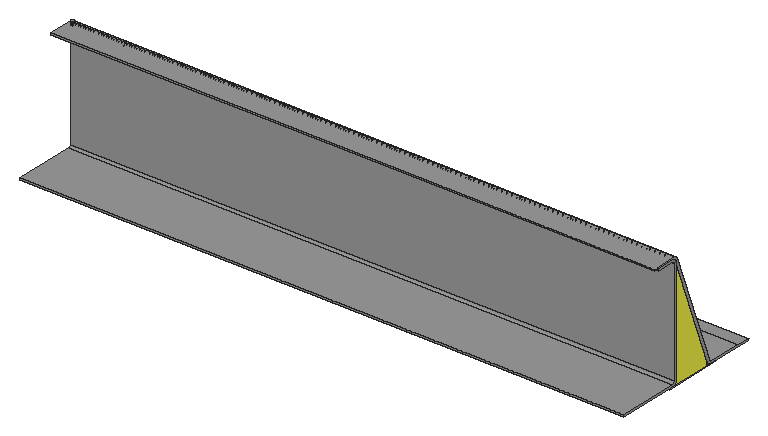
Revit family "CFS K 90 WIL", category Generic Models, Revit 2014
Parameters (values of type "Max lintel length 4800mm")
  URL = "http://www.keystonelintels.co.uk"
  Structural Opening [instance] = 900 mm
  Structural Performance = "The Keystone lintel range has safe working loads as detailed in each applicable loading table in the Keystone Lintel Guide brochure. The structural performance figures within each table have been ascertained by testing in accordance with the requirements of standards BS EN 5977-2: 1983 and BS EN 845-2: 2003."
  RIBA Productor Selector = "available for Keystone Lintels Ltd from Keystone Lintels Ltd from ribaproductselector.com"
  Model = "CFS/K 90 WIL"
  Min Length = 600 mm
  Min Clear Span = 300 mm
  Max Length = 4800 mm
  Max Clear Span = 4800 mm
  Material - Stainless Steel = "Grade 304 2b 1.4307 to BS EN 10088-2. Other grades available on request: contact manufacturer."
  Material - Galvanised Steel = "To BS EN 10346: 2009. DX51D plus Z600 or grade Z275 to BS 5977-2: 1983 (BS EN 845-2: 2003)."
  Manufacturer = "Keystone"
  Manufactured Length [instance] = (roundup(Effective Length / 150 mm) * 150 mm)  # 1200 mm
  Lintel height [instance] = 2100 mm
  Keynote = "F30/755"
  Fire Performance = "Keystone lintels have been subjected to a fire test (WARRES No. 101263) in accordance with BS 476-20: 1987, at Exova Warrington Fire and achieved a one hour fire performance."
  End Bearing = 150 mm
  Effective Length [instance] = Clear Opening with MIN MAX set + End Bearing * 2  # 1200 mm
  Corrosion = "Keystone’s standard range of lintels are manufactured from high quality grade pre-galvanized carbon steel with a zinc coating of 600"
  Contact Tel = "+44 (0)28 8676 2184"
  Contact Email = "info@keystonelintels.co.uk"
  Clear Opening with MIN MAX set [instance] = if(Structural Opening < Min Clear Span, Min Clear Span, (if(Structural Opening > Max Clear Span, Max Clear Span, Structural Opening)))  # 900 mm
  CPD Information = "Available for Keystone Lintels Ltd from ribacpd.com"
Reference planes
  plane 1 "Center (Front/Back)": y = 0
  plane 2: z = 0
  plane 3 "Center (Left/Right)": x = 0
  plane 4: x = -600
  plane 5: x = 600
  plane 6: z = 2100
  plane 7: x = -450
  plane 8: x = 450
Forms (mm)
  Extrusion 1, solid, material "Steel"
    sketch origin (0, 703.513, -496.241) x (0, 1, 0) y (0, 0, 1)
      loop
        line (-563.096, 2595.362) -> (-562.983, 2598.56) -> (-587.955, 2599.441) -> (-657.881, 2599.441)
        arc (-657.881, 2599.441) -> (-659.028, 2599.803) -> (-659.76, 2600.758) r 2
        line (-659.76, 2600.758) -> (-741.303, 2821.841)
        arc (-741.303, 2821.841) -> (-743.209, 2824.307) -> (-746.182, 2825.241) r 5.2
        line (-746.182, 2825.241) -> (-796.182, 2825.241) -> (-796.182, 2822.041) -> (-746.18, 2822.041)
        arc (-746.18, 2822.041) -> (-745.037, 2821.682) -> (-744.304, 2820.733) r 2
        line (-744.304, 2820.733) -> (-662.723, 2599.541)
        arc (-662.723, 2599.541) -> (-660.893, 2597.148) -> (-658.021, 2596.241) r 5
        line (-658.021, 2596.241) -> (-588.012, 2596.241) -> (-563.096, 2595.362)
    from -600 to 600
  Extrusion 2, solid, material "Steel"
    sketch origin (0, 703.513, -496.241) x (0, 1, 0) y (0, 0, 1)
      loop
        line (-870.989, 2596.241) -> (-750.689, 2596.241)
        arc (-750.689, 2596.241) -> (-745.103, 2598.555) -> (-742.789, 2604.141) r 7.9
        line (-742.789, 2604.141) -> (-742.789, 2814.141)
        arc (-742.789, 2814.141) -> (-745.103, 2819.727) -> (-750.689, 2822.041) r 7.9
        line (-750.689, 2822.041) -> (-785.689, 2822.041) -> (-785.689, 2818.841) -> (-750.689, 2818.841)
        arc (-750.689, 2818.841) -> (-747.366, 2817.464) -> (-745.989, 2814.141) r 4.7
        line (-745.989, 2814.141) -> (-745.989, 2604.141)
        arc (-745.989, 2604.141) -> (-747.366, 2600.818) -> (-750.689, 2599.441) r 4.7
        line (-750.689, 2599.441) -> (-870.989, 2599.441) -> (-870.989, 2596.241)
    from -600 to 600
  Extrusion 3, solid, material "Steel"
    sketch origin (0, 703.513, -496.241) x (0, 1, 0) y (0, 0, 1)
      loop
        line (-758.795, 2595.241) -> (-643.795, 2595.241) -> (-643.795, 2596.241) -> (-665.795, 2596.241) -> (-665.795, 2604.241) -> (-666.795, 2604.241) -> (-666.795, 2596.241) -> (-669.535, 2596.241) -> (-758.795, 2596.241) -> (-758.795, 2595.241)
    from -600 to 600
  Extrusion 4, solid, material "Insulation"
    sketch origin (0, 703.513, -496.241) x (0, 1, 0) y (0, 0, 1)
      loop
        arc (-658.021, 2596.241) -> (-660.893, 2597.148) -> (-662.723, 2599.541) r 5
        line (-662.723, 2599.541) -> (-744.304, 2820.733)
        arc (-744.304, 2820.733) -> (-745.037, 2821.682) -> (-746.18, 2822.041) r 2
        line (-746.18, 2822.041) -> (-750.689, 2822.041)
        arc (-750.689, 2822.041) -> (-745.103, 2819.727) -> (-742.789, 2814.141) r 7.9
        line (-742.789, 2814.141) -> (-742.789, 2604.141)
        arc (-742.789, 2604.141) -> (-745.103, 2598.555) -> (-750.689, 2596.241) r 7.9
        line (-750.689, 2596.241) -> (-669.535, 2596.241) -> (-666.795, 2596.241) -> (-666.795, 2604.241) -> (-665.795, 2604.241) -> (-665.795, 2596.241) -> (-658.021, 2596.241)
    from -600 to 600
  Extrusion 5, solid, not visible
    sketch origin (0, 1003.078, 1291.095) x (0, 1, 0) y (0, 0, 1)
      loop
        line (-563.096, 995.362) -> (-562.983, 998.56) -> (-587.955, 999.441) -> (-657.881, 999.441)
        arc (-657.881, 999.441) -> (-659.028, 999.803) -> (-659.76, 1000.758) r 2
        line (-659.76, 1000.758) -> (-741.303, 1221.841)
        arc (-741.303, 1221.841) -> (-743.209, 1224.307) -> (-746.182, 1225.241) r 5.2
        line (-746.182, 1225.241) -> (-796.182, 1225.241) -> (-796.182, 1222.041) -> (-746.18, 1222.041)
        arc (-746.18, 1222.041) -> (-745.037, 1221.682) -> (-744.304, 1220.733) r 2
        line (-744.304, 1220.733) -> (-662.723, 999.541)
        arc (-662.723, 999.541) -> (-660.893, 997.148) -> (-658.021, 996.241) r 5
        line (-658.021, 996.241) -> (-588.012, 996.241) -> (-563.096, 995.362)
    from 0 to 250
  Extrusion 6, solid, not visible
    sketch origin (0, 527.299, 1310.556) x (0, 1, 0) y (0, 0, 1)
      loop
        arc (-658.021, 996.241) -> (-660.893, 997.148) -> (-662.723, 999.541) r 5
        line (-662.723, 999.541) -> (-744.304, 1220.733)
        arc (-744.304, 1220.733) -> (-745.037, 1221.682) -> (-746.18, 1222.041) r 2
        line (-746.18, 1222.041) -> (-750.689, 1222.041)
        arc (-750.689, 1222.041) -> (-745.103, 1219.727) -> (-742.789, 1214.141) r 7.9
        line (-742.789, 1214.141) -> (-742.789, 1004.141)
        arc (-742.789, 1004.141) -> (-745.103, 998.555) -> (-750.689, 996.241) r 7.9
        line (-750.689, 996.241) -> (-669.535, 996.241) -> (-666.795, 996.241) -> (-666.795, 1004.241) -> (-665.795, 1004.241) -> (-665.795, 996.241) -> (-658.021, 996.241)
    from 0 to 250
  Extrusion 7, solid, not visible
    sketch origin (0, 1054.564, 962.211) x (0, 1, 0) y (0, 0, 1)
      loop
        line (-758.795, 995.241) -> (-643.795, 995.241) -> (-643.795, 996.241) -> (-665.795, 996.241) -> (-665.795, 1004.241) -> (-666.795, 1004.241) -> (-666.795, 996.241) -> (-669.535, 996.241) -> (-758.795, 996.241) -> (-758.795, 995.241)
    from 0 to 250
  Extrusion 8, solid, not visible
    sketch origin (0, 655.292, 843.957) x (0, 1, 0) y (0, 0, 1)
      loop
        line (-870.989, 996.241) -> (-750.689, 996.241)
        arc (-750.689, 996.241) -> (-745.103, 998.555) -> (-742.789, 1004.141) r 7.9
        line (-742.789, 1004.141) -> (-742.789, 1214.141)
        arc (-742.789, 1214.141) -> (-745.103, 1219.727) -> (-750.689, 1222.041) r 7.9
        line (-750.689, 1222.041) -> (-785.689, 1222.041) -> (-785.689, 1218.841) -> (-750.689, 1218.841)
        arc (-750.689, 1218.841) -> (-747.366, 1217.464) -> (-745.989, 1214.141) r 4.7
        line (-745.989, 1214.141) -> (-745.989, 1004.141)
        arc (-745.989, 1004.141) -> (-747.366, 1000.818) -> (-750.689, 999.441) r 4.7
        line (-750.689, 999.441) -> (-870.989, 999.441) -> (-870.989, 996.241)
    from 0 to 250
Dimensions and locks
  equal spacing: plane 4, plane 3 "Center (Left/Right)", plane 5
  "Manufactured Length": plane 4 to plane 5
  "Lintel height": plane 6 to level
  "Structural Opening": plane 7 to plane 8
  equal spacing: plane 7, plane 3 "Center (Left/Right)", plane 8
  aligned and locked: level to plane 2
  aligned and locked: Extrusion 1 to plane 6
  aligned and locked: Extrusion 4 to plane 6
  aligned and locked: plane 6 to Extrusion 3
  aligned and locked: Extrusion 2 to plane 6
  aligned and locked: plane 5 to Extrusion 2
  aligned and locked: Extrusion 2 to plane 4
  aligned and locked: plane 5 to Extrusion 1
  aligned and locked: Extrusion 1 to plane 4
  aligned and locked: Extrusion 4 to plane 4
  aligned and locked: plane 5 to Extrusion 4
  aligned and locked: plane 5 to Extrusion 3
  aligned and locked: Extrusion 3 to plane 4
Automatic sketch dimensions
  Extrusion 1 sketch curve to Extrusion 1 sketch curve = 24.916 mm
  Extrusion 1 sketch curve to Extrusion 1 sketch curve = 0.113 mm
  Extrusion 1 sketch curve to Extrusion 1 sketch curve = 0.879 mm
  Extrusion 1 sketch curve to Extrusion 1 sketch curve = 0.056 mm
  Extrusion 1 sketch curve to Extrusion 1 sketch curve = 69.925 mm
  Extrusion 1 sketch curve to Extrusion 1 sketch curve = 0.14 mm
  Extrusion 1 sketch curve to Extrusion 1 sketch curve = 1.8 mm
  Extrusion 1 sketch curve to Extrusion 1 sketch curve = 4.842 mm
  Extrusion 1 sketch curve to Extrusion 1 sketch curve = 81.581 mm
  Extrusion 1 sketch curve to Extrusion 1 sketch curve = 221.193 mm
  Extrusion 1 sketch curve to Extrusion 1 sketch curve = 0.2 mm
  Extrusion 1 sketch curve to Extrusion 1 sketch curve = 1.74 mm
  Extrusion 1 sketch curve to Extrusion 1 sketch curve = 3 mm
  Extrusion 1 sketch curve to Extrusion 1 sketch curve = 1.107 mm
  Extrusion 1 sketch curve to Extrusion 1 sketch curve = 1.878 mm
  Extrusion 1 sketch curve to Extrusion 1 sketch curve = 0.692 mm
  Extrusion 1 sketch curve to Extrusion 1 sketch curve = 0.002 mm
  Extrusion 1 sketch curve to Extrusion 1 sketch curve = 0 mm
  Extrusion 1 sketch curve to Extrusion 1 sketch curve = 50.002 mm
  Extrusion 2 sketch curve to Extrusion 2 sketch curve = 120.3 mm
  Extrusion 2 sketch curve to Extrusion 2 sketch curve = 3.2 mm
  Extrusion 2 sketch curve to Extrusion 2 sketch curve = 4.7 mm  (x2)
  Extrusion 2 sketch curve to Extrusion 2 sketch curve = 210 mm
  Extrusion 2 sketch curve to Extrusion 2 sketch curve = 0 mm  (x8)
  Extrusion 2 sketch curve to Extrusion 2 sketch curve = 35 mm
  Extrusion 3 sketch curve to Extrusion 3 sketch curve = 115 mm
  Extrusion 3 sketch curve to Extrusion 3 sketch curve = 1 mm  (x2)
  Extrusion 3 sketch curve to Extrusion 3 sketch curve = 22 mm
  Extrusion 3 sketch curve to Extrusion 3 sketch curve = 8 mm
  Extrusion 3 sketch curve to Extrusion 3 sketch curve = 0 mm
  Extrusion 3 sketch curve to Extrusion 3 sketch curve = 2.74 mm
  Extrusion 4 sketch curve to Extrusion 4 sketch curve = 0 mm  (x2)
  Extrusion 4 sketch curve to Extrusion 4 sketch curve = 4.509 mm
  Extrusion 4 sketch curve to Extrusion 4 sketch curve = 1.876 mm
  Extrusion 4 sketch curve to Extrusion 4 sketch curve = 7.9 mm
  Extrusion 4 sketch curve to Extrusion 4 sketch curve = 73.254 mm
  Extrusion 4 sketch curve to Extrusion 4 sketch curve = 2.74 mm
  Extrusion 4 sketch curve to Extrusion 4 sketch curve = 1 mm
  Extrusion 4 sketch curve to Extrusion 4 sketch curve = 3.072 mm
  Extrusion 4 sketch curve to Extrusion 4 sketch curve = 3.3 mm
  Extrusion 4 sketch curve to Extrusion 4 sketch curve = 1.7 mm
  Extrusion 4 sketch curve to Extrusion 4 sketch curve = 4.7 mm
  Extrusion 4 sketch curve to Extrusion 4 sketch curve = 210 mm
  Extrusion 4 sketch curve to Extrusion 4 sketch curve = 2 mm
  Extrusion 5 sketch curve to Extrusion 5 sketch curve = 24.916 mm
  Extrusion 5 sketch curve to Extrusion 5 sketch curve = 0.113 mm
  Extrusion 5 sketch curve to Extrusion 5 sketch curve = 0.879 mm
  Extrusion 5 sketch curve to Extrusion 5 sketch curve = 0.056 mm
  Extrusion 5 sketch curve to Extrusion 5 sketch curve = 69.925 mm
  Extrusion 5 sketch curve to Extrusion 5 sketch curve = 0.14 mm
  Extrusion 5 sketch curve to Extrusion 5 sketch curve = 1.8 mm
  Extrusion 5 sketch curve to Extrusion 5 sketch curve = 4.842 mm
  Extrusion 5 sketch curve to Extrusion 5 sketch curve = 81.581 mm
  Extrusion 5 sketch curve to Extrusion 5 sketch curve = 221.193 mm
  Extrusion 5 sketch curve to Extrusion 5 sketch curve = 0.2 mm
  Extrusion 5 sketch curve to Extrusion 5 sketch curve = 1.74 mm
  Extrusion 5 sketch curve to Extrusion 5 sketch curve = 3 mm
  Extrusion 5 sketch curve to Extrusion 5 sketch curve = 1.107 mm
  Extrusion 5 sketch curve to Extrusion 5 sketch curve = 1.878 mm
  Extrusion 5 sketch curve to Extrusion 5 sketch curve = 0.692 mm
  Extrusion 5 sketch curve to Extrusion 5 sketch curve = 0.002 mm
  Extrusion 5 sketch curve to Extrusion 5 sketch curve = 0 mm
  Extrusion 5 sketch curve to Extrusion 5 sketch curve = 50.002 mm
  Extrusion 6 sketch curve to Extrusion 6 sketch curve = 0 mm  (x2)
  Extrusion 6 sketch curve to Extrusion 6 sketch curve = 4.509 mm
  Extrusion 6 sketch curve to Extrusion 6 sketch curve = 1.876 mm
  Extrusion 6 sketch curve to Extrusion 6 sketch curve = 7.9 mm
  Extrusion 6 sketch curve to Extrusion 6 sketch curve = 73.254 mm
  Extrusion 6 sketch curve to Extrusion 6 sketch curve = 2.74 mm
  Extrusion 6 sketch curve to Extrusion 6 sketch curve = 1 mm
  Extrusion 6 sketch curve to Extrusion 6 sketch curve = 3.072 mm
  Extrusion 6 sketch curve to Extrusion 6 sketch curve = 3.3 mm
  Extrusion 6 sketch curve to Extrusion 6 sketch curve = 1.7 mm
  Extrusion 6 sketch curve to Extrusion 6 sketch curve = 4.7 mm
  Extrusion 6 sketch curve to Extrusion 6 sketch curve = 210 mm
  Extrusion 6 sketch curve to Extrusion 6 sketch curve = 2 mm
  Extrusion 7 sketch curve to Extrusion 7 sketch curve = 115 mm
  Extrusion 7 sketch curve to Extrusion 7 sketch curve = 1 mm  (x2)
  Extrusion 7 sketch curve to Extrusion 7 sketch curve = 22 mm
  Extrusion 7 sketch curve to Extrusion 7 sketch curve = 8 mm
  Extrusion 7 sketch curve to Extrusion 7 sketch curve = 0 mm
  Extrusion 7 sketch curve to Extrusion 7 sketch curve = 2.74 mm
  Extrusion 8 sketch curve to Extrusion 8 sketch curve = 120.3 mm
  Extrusion 8 sketch curve to Extrusion 8 sketch curve = 3.2 mm
  Extrusion 8 sketch curve to Extrusion 8 sketch curve = 4.7 mm  (x2)
  Extrusion 8 sketch curve to Extrusion 8 sketch curve = 210 mm
  Extrusion 8 sketch curve to Extrusion 8 sketch curve = 0 mm  (x8)
  Extrusion 8 sketch curve to Extrusion 8 sketch curve = 35 mm
  Extrusion 3 sketch curve to plane 6 = 0 mm
  plane 1 "Center (Front/Back)" to Extrusion 3 sketch curve = 55.282 mm
  Extrusion 2 sketch curve to plane 6 = 0 mm
  plane 1 "Center (Front/Back)" to Extrusion 2 sketch curve = 167.476 mm
  Extrusion 4 sketch curve to plane 6 = 0 mm
  plane 1 "Center (Front/Back)" to Extrusion 4 sketch curve = 47.176 mm
  Extrusion 1 sketch curve to plane 6 = 0 mm
  plane 1 "Center (Front/Back)" to Extrusion 1 sketch curve = 92.669 mm
